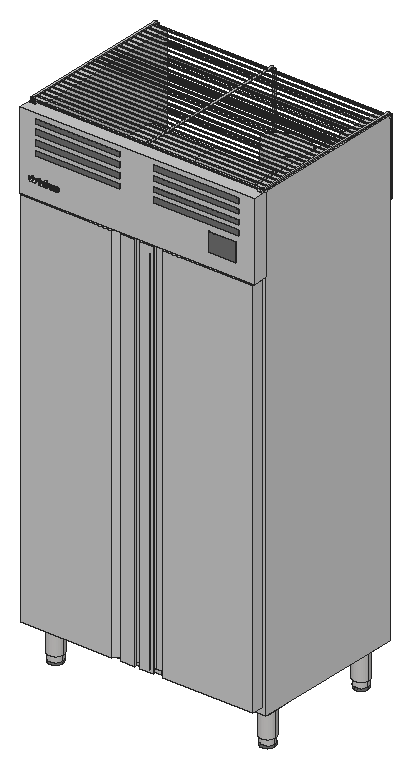
Revit family "QF_INFRICO_AGN602BT_250808082227", category Specialty Equipment, Revit 2021
Family settings
  Round Connector Dimension = Use Diameter
  Part Type = Normal
  OmniClass Number = 23.40.40.14
  OmniClass Title = Food Service Equipment
  Work Plane-Based = No
  Always vertical = Yes
  Cut with Voids When Loaded = No
  Shared = No
  Room Calculation Point = No
Parameters (values of type "AGN602BT")
  Weight [instance] = 0.00 kg
  Waste Water Discharge Temperature [instance] = 0 °C
  Waste Remarks [instance] = ""
  Warranty Start Date [instance] = ""
  Warranty Duration [instance] = ""
  Volts [instance] = 230 V
  Volt Free Conn [instance] = no
  URL Recommended Spares List [instance] = ""
  URL Manufacturer [instance] = ""
  URL Cutsheet [instance] = ""
  URL Critical Spares List [instance] = ""
  URL = "www.infrico.com"
  Technical Documentation [instance] = ""
  Tag Number [instance] = ""
  Status [instance] = ""
  Start Up Current [instance] = 0 A
  Specification by User [instance] = ""
  Specification by Manufacturer [instance] = ""
  Sound Level [instance] = ""
  Show Logo [instance] = yes
  Show Clearances [instance] = yes
  Service Life Duration [instance] = ""
  Serial Number [instance] = ""
  Seismic Rating [instance] = ""
  SMACNA No [instance] = ""
  Revision Code [instance] = ""
  Revision [instance] = ""
  Production Year [instance] = ""
  Potential Equalisation [instance] = no
  Point Load [instance] = 0
  Plumbing Connection Type [instance] = ""
  Phase [instance] = 1
  Other Equipment Approvals [instance] = ""
  Operational Current [instance] = 0 A
  Number of Poles [instance] = 2
  No Load Power Draw [instance] = no
  NAFEM Spec ID Number [instance] = ""
  Model Warning [instance] = ""
  Model = "AGN602BT"
  Min Ckt Ampacity [instance] = 0 A
  Max Overcurrent Protection [instance] = 0 A
  Masterspec [instance] = ""
  Manufacturer = "INFRICO"
  Main switch integrated [instance] = no
  Length Actual [instance] = 974.09 mm
  Item Number [instance] = ""
  Installed By [instance] = ""
  Installation Date [instance] = ""
  Indirect Waste Size [instance] = 19.05 mm
  Indirect Waste Remarks [instance] = ""
  Indirect Waste Flow [instance] = 0.0 L/s
  Indirect Waste Connection Type [instance] = ""
  Indirect Waste Connection Height [instance] = 0 mm
  Identify Quantity as Lot [instance] = no
  ID [instance] = ""
  Hygiene Approval [instance] = ""
  Height Actual [instance] = 2100.072 mm
  HP power [instance] = ""
  Furnished By [instance] = ""
  Foodservice Equipment Identifier [instance] = no
  FL Amps [instance] = 0 A
  Electrical Remarks [instance] = ""
  Electric power [instance] = 650 W
  Electric Connection Type [instance] = ""
  Elec Conn RI Height [instance] = 0 mm
  Elec Conn Connection Height [instance] = 0 mm
  ETL Approved [instance] = no
  Direct Waste Water Discharge Temperature [instance] = -273.15 °C
  Direct Waste Size [instance] = 19.05 mm
  Direct Waste RI Height [instance] = 0 mm
  Direct Waste Flow [instance] = 0.0 L/s
  Direct Waste Connection Height [instance] = 0 mm
  Description = "GN 1/1 REFRIGERATOR AND FREEZER REACH IN 300/600 - TWO DOORS - R290"
  Depth Actual [instance] = 694.944 mm
  Default Elevation = 0 mm
  Cycle [instance] = 50 Hz
  Cost = 0
  Connection to energy optimisation system [instance] = yes
  Conn Plug [instance] = ""
  Conn Conduit [instance] = no
  Centralized building control system with digital interface [instance] = ""
  CSI MasterFormat [instance] = ""
  CE Approved [instance] = no
  Barcode [instance] = 0
  Author [instance] = ""
  Asset Identifier [instance] = ""
  Apparent Power [instance] = 650 VA
  Accessory [instance] = no
Reference planes
  plane 1 "Center (Front/Back)": y = 0
  plane 2: z = 0
  plane 3 "Center (Left/Right)": x = 0
Forms (mm)
  Extrusion 1, solid, not visible
    sketch origin (487.024, -93.905, 152.007) x (1, 0, 0) y (0, 1, 0)
      loop
        line (-2, 2) -> (-2, -2) -> (2, -2) -> (2, 2) -> (-2, 2)
    from -2 to 2
  Extrusion 2, solid, not visible
    sketch origin (100.005, -89.004, 1770.086) x (1, 0, 0) y (0, 1, 0)
      loop
        line (-2, 2) -> (-2, -2) -> (2, -2) -> (2, 2) -> (-2, 2)
    from -2 to 2
Dimensions and locks
  locked: nested 2 to Extrusion 1 at 2  (x2)
  locked: Extrusion 2 to nested 3
  locked: nested 3 to Extrusion 2 at 2
  aligned and locked: level to plane 2
Nested families
  nested 1: "QF_INFRICO_AGN602_2920" at (0, 0, 150), type "AGN602BT"
    with Weight 0.00 kg, Warranty Start Date "", Warranty Duration "", URL Cutsheet "", Technical Documentation "", Tag Number "", Status "", Specification by User "", Specification by Manufacturer "", Sound Level "", Solid Fuel Type "", Show Logo yes, Show Clearances yes, Show Clearance yes, Service Life Duration "", Serial Number "", Seismic Rating "", SMACNA No "", Revision Code "", Revision "", Production Year "", Point Load 0, Other Equipment Approvals "", NAFEM Spec ID Number "", Model Warning "", Masterspec "", Length Actual 974.09 mm, Item Number "", Installed By "", Installation Date "", Identify Quantity as Lot yes, ID "", Hygiene Approval "", Height Actual 2100.072 mm, Furnished By "", Foodservice Equipment Identifier yes, ETL Approved yes, Depth Actual 694.944 mm, CSI MasterFormat "", CE Approved no, Barcode "", Author "", Asset Identifier "", Accessory no
  nested 2: "CONN_POINT_DRAIN_2D___Generic_Annotation" at (487.024, -93.905, 150.007), type "CONN_POINT_DRAIN_2D___Generic_Annotation"
    with Onboard connection annotation symbol visibility yes
  nested 3: "CONN_POINT_ELE_2D___Generic_Annotation" at (100.005, -87.004, 1770.086), type "CONN_POINT_ELE_2D___Generic_Annotation"
    with Onboard connection annotation symbol visibility yes
  nested 4: "QF_INFRICO_LEGS_REACH_INS_4654" at (0, 0, 0), type "LEGS_974_640"
    with Weight 0.00 kg, Warranty Start Date "", Warranty Duration "", URL Cutsheet "", Technical Documentation "", Tag Number "", Status "", Specification by User "", Specification by Manufacturer "", Sound Level "", Solid Fuel Type "", Show Logo yes, Show Clearances yes, Service Life Duration "", Serial Number "", Seismic Rating "", SMACNA No "", Revision Code "", Revision "", Production Year "", Point Load 0, Other Equipment Approvals "", NAFEM Spec ID Number "", Model Warning "", Masterspec "", Length Actual 974.09 mm, Item Number "", Installed By "", Installation Date "", Identify Quantity as Lot yes, ID "", Hygiene Approval "", Height Actual 150.114 mm, Furnished By "", Foodservice Equipment Identifier yes, ETL Approved yes, Depth Actual 640.08 mm, CSI MasterFormat "", CE Approved no, Barcode "", Author "", Asset Identifier "", Accessory yes
Connectors
  piping at (487.024, -93.905, 150.007), diameter 19.05, driven by "Indirect Waste Size", driven by "Direct Waste Flow"
    settings: on Extrusion 1, index 1, connector inside diameter 609.6 mm, connector length 0 mm, flow factor 0, pipe flow 0.0 L/s, pressure drop 0.0 Pa, fitting loss kfactor 0, connector angle 0.00°, fixture units 0, engagement length 0 mm, angle of deflection 0.00°, flow configuration 1, flow direction 2, fitting loss method 0, system type 16, joint type 0, gender type 0, connector reference index -1, connector utility 0, adjustable connector no, is connector primary yes, connector description "Waste connection for AGN602BT"
  electrical at (100.005, -87.004, 1770.086), driven by "Apparent Power", driven by "Number of Poles", driven by "Volts"
    settings: on Extrusion 2, index 2, voltage 230 V, apparent load 0 VA, apparent load phase1 650 VA, apparent load phase2 0 VA, apparent load phase3 0 VA, power factor 1, load classification "Other", number of poles 2, system type 31, power factor state 1, is connector primary yes, connector utility no, sub classification motor no, connector description "Electrical connection for AGN602BT"
Definition of nested family "QF_INFRICO_AGN602_2920"
  Parameters (values of type "AGN602")
    Weight [instance] = 0.00 kg
    Warranty Start Date [instance] = ""
    Warranty Duration [instance] = ""
    URL Cutsheet [instance] = ""
    URL = "www.infrico.com"
    Technical Documentation [instance] = ""
    Tag Number [instance] = ""
    Status [instance] = ""
    Specification by User [instance] = ""
    Specification by Manufacturer [instance] = ""
    Sound Level [instance] = ""
    Solid Fuel Type [instance] = ""
    Show Logo [instance] = yes
    Show Clearances [instance] = yes
    Show Clearance [instance] = yes
    Service Life Duration [instance] = ""
    Serial Number [instance] = ""
    Seismic Rating [instance] = ""
    SMACNA No [instance] = ""
    Revision Code [instance] = ""
    Revision [instance] = ""
    Production Year [instance] = ""
    Point Load [instance] = 0
    Other Equipment Approvals [instance] = ""
    NAFEM Spec ID Number [instance] = ""
    Model Warning [instance] = ""
    Model = "AGN602"
    Masterspec [instance] = ""
    Manufacturer = "INFRICO"
    Length Actual [instance] = 0 mm
    Item Number [instance] = ""
    Installed By [instance] = ""
    Installation Date [instance] = ""
    Identify Quantity as Lot [instance] = yes
    ID [instance] = ""
    Hygiene Approval [instance] = ""
    Height Actual [instance] = 0 mm
    Furnished By [instance] = ""
    Foodservice Equipment Identifier [instance] = yes
    ETL Approved [instance] = yes
    Description = "GN 1/1 REFRIGERATOR AND FREEZER REACH IN 300/600 - TWO DOORS - R134A REFRIGERANT"
    Depth Actual [instance] = 0 mm
    Default Elevation = 0 mm
    CSI MasterFormat [instance] = ""
    CE Approved [instance] = yes
    Barcode [instance] = ""
    Author [instance] = ""
    Asset Identifier [instance] = ""
    Assembly Code = "E1090320"
    Accessory [instance] = yes
  Types (3, lengths in mm): name | Model | Description
    AGN602-R290 | "AGN602" | "GN 1/1 REFRIGERATOR AND FREEZER REACH IN 300/600 - TWO DOORS - R290 REFRIGERANT"
    AGN602BT | "AGN602BT" | "GN 1/1 REFRIGERATOR AND FREEZER REACH IN 300/600 - TWO DOORS - R290 REFRIGERANT"
    AGN602 | "AGN602" | "GN 1/1 REFRIGERATOR AND FREEZER REACH IN 300/600 - TWO DOORS - R134A REFRIGERANT"
  Reference planes
    plane 1 "Back": y = 0
    plane 2: z = 0
    plane 3 "Left": x = 0
    plane 4 "Right": x = 974
    plane 5 "Front": y = -700
    plane 6 "Top": z = 1950
  Forms (mm)
    Extrusion 1, solid
      sketch origin (0, 16, -334) x (0, 1, 0) y (0, 0, 1)
        loop
          line (-16, 334) -> (-16, 1597) -> (-656, 1597) -> (-656, 334) -> (-16, 334)
      from 50 to 924
    Extrusion 2, solid
      sketch origin (0, -95, 1700) x (1, 0, 0) y (0, 1, 0)
        loop
          line (0, -545) -> (0, -605) -> (974, -605) -> (974, -545) -> (971.5, -545) -> (971.5, -558) -> (949, -558) -> (949, -545) -> (25, -545) -> (25, -558) -> (2.5, -558) -> (2.5, -545) -> (0, -545)
      from -68 to 250
    Extrusion 3, solid, visible <- "Show Logo"
      sketch origin (-1126.614, -699, 992.462) x (1, 0, 0) y (0, 0, 1)
        loop
          line (1208.799, 696.53) -> (1208.799, 719.204) -> (1204.173, 719.204) -> (1204.173, 696.53) -> (1208.799, 696.53)
        loop
          line (1214.779, 713.006) -> (1211.283, 713.006) -> (1211.283, 696.53) -> (1215.772, 696.53) -> (1215.772, 707.832)
          arc (1215.772, 707.832) -> (1217.528, 708.741) -> (1219.417, 709.324) r 11.052
          arc (1219.417, 709.324) -> (1220.929, 708.961) -> (1221.598, 707.557) r 1.806
          line (1221.598, 707.557) -> (1221.598, 696.53) -> (1226.121, 696.53) -> (1226.121, 708.689)
          arc (1226.121, 708.689) -> (1224.637, 712.075) -> (1221.141, 713.281) r 4.607
          arc (1221.141, 713.281) -> (1218.282, 712.674) -> (1215.669, 711.361) r 11.435
          line (1215.669, 711.361) -> (1215.601, 712.184)
          arc (1215.601, 712.184) -> (1215.36, 712.765) -> (1214.779, 713.006) r 0.822
        loop
          line (1238.557, 720.102) -> (1237.306, 720.102)
          arc (1237.306, 720.102) -> (1235.052, 719.926) -> (1232.881, 719.297) r 11.103
          arc (1232.881, 719.297) -> (1230.805, 717.616) -> (1230.024, 715.062) r 4.567
          line (1230.024, 715.062) -> (1230.024, 712.909) -> (1227.351, 712.703) -> (1227.351, 709.374) -> (1230.024, 709.374) -> (1230.024, 696.53) -> (1234.547, 696.53) -> (1234.547, 709.374) -> (1238.249, 709.374) -> (1238.249, 712.938) -> (1234.547, 712.938) -> (1234.547, 714.548)
          arc (1234.547, 714.548) -> (1234.956, 715.705) -> (1236.045, 716.271) r 1.67
          line (1236.045, 716.271) -> (1237.7, 716.399)
          arc (1237.7, 716.399) -> (1238.306, 716.65) -> (1238.557, 717.255) r 0.857
          line (1238.557, 717.255) -> (1238.557, 720.102)
        loop
          line (1239.479, 713.006) -> (1239.479, 696.53) -> (1243.968, 696.53) -> (1243.968, 707.352)
          arc (1243.968, 707.352) -> (1245.873, 708.631) -> (1248.077, 709.268) r 7.435
          line (1248.077, 709.268) -> (1249.241, 709.416)
          arc (1249.241, 709.416) -> (1249.643, 709.758) -> (1249.793, 710.265) r 0.928
          line (1249.793, 710.265) -> (1249.793, 712.458)
          arc (1249.793, 712.458) -> (1249.531, 713.061) -> (1248.912, 713.28) r 0.824
          arc (1248.912, 713.28) -> (1246.197, 712.588) -> (1243.899, 710.984) r 7.833
          line (1243.899, 710.984) -> (1243.726, 713.006) -> (1239.479, 713.006)
        loop
          line (1255.495, 696.53) -> (1255.495, 713.006) -> (1251.006, 713.006) -> (1251.006, 696.53) -> (1255.495, 696.53)
        loop
          arc (1257.421, 701.327) -> (1258.567, 698.188) -> (1261.466, 696.525) r 4.873
          arc (1261.466, 696.525) -> (1264.493, 696.266) -> (1267.521, 696.525) r 17.816
          arc (1267.521, 696.525) -> (1270.575, 699.134) -> (1271.505, 703.041) r 6.481
          line (1271.505, 703.041) -> (1267.187, 703.041) -> (1267.187, 701.67)
          arc (1267.187, 701.67) -> (1266.64, 700.452) -> (1265.442, 699.865) r 1.965
          arc (1265.442, 699.865) -> (1264.547, 699.816) -> (1263.653, 699.865) r 8.196
          arc (1263.653, 699.865) -> (1262.417, 700.415) -> (1261.91, 701.67) r 1.806
          line (1261.91, 701.67) -> (1261.91, 707.9)
          arc (1261.91, 707.9) -> (1262.417, 709.155) -> (1263.653, 709.705) r 1.806
          arc (1263.653, 709.705) -> (1264.547, 709.754) -> (1265.442, 709.705) r 8.196
          arc (1265.442, 709.705) -> (1266.64, 709.118) -> (1267.187, 707.9) r 1.965
          line (1267.187, 707.9) -> (1267.187, 706.838) -> (1271.505, 706.838)
          arc (1271.505, 706.838) -> (1270.524, 710.556) -> (1267.521, 712.959) r 6.132
          arc (1267.521, 712.959) -> (1264.493, 713.294) -> (1261.466, 712.959) r 13.851
          arc (1261.466, 712.959) -> (1258.571, 711.349) -> (1257.421, 708.243) r 4.772
          line (1257.421, 708.243) -> (1257.421, 701.327)
        loop
          arc (1272.916, 701.329) -> (1273.993, 698.345) -> (1276.726, 696.734) r 4.676
          arc (1276.726, 696.734) -> (1278.515, 696.455) -> (1280.318, 696.291) r 28.371
          arc (1280.318, 696.291) -> (1282.122, 696.455) -> (1283.911, 696.734) r 28.371
          arc (1283.911, 696.734) -> (1286.644, 698.345) -> (1287.72, 701.329) r 4.676
          line (1287.72, 701.329) -> (1287.72, 708.242)
          arc (1287.72, 708.242) -> (1286.644, 711.226) -> (1283.911, 712.837) r 4.676
          arc (1283.911, 712.837) -> (1282.122, 713.116) -> (1280.318, 713.28) r 28.371
          arc (1280.318, 713.28) -> (1278.515, 713.116) -> (1276.726, 712.837) r 28.371
          arc (1276.726, 712.837) -> (1273.993, 711.226) -> (1272.916, 708.242) r 4.676
          line (1272.916, 708.242) -> (1272.916, 701.329)
        loop
          line (1277.405, 707.866) -> (1277.405, 701.705)
          arc (1277.405, 701.705) -> (1277.844, 700.556) -> (1278.936, 699.991) r 1.725
          arc (1278.936, 699.991) -> (1279.627, 699.918) -> (1280.318, 699.856) r 46.133
          arc (1280.318, 699.856) -> (1281.01, 699.918) -> (1281.701, 699.991) r 46.133
          arc (1281.701, 699.991) -> (1282.793, 700.556) -> (1283.231, 701.705) r 1.725
          line (1283.231, 701.705) -> (1283.231, 707.866)
          arc (1283.231, 707.866) -> (1282.793, 709.015) -> (1281.701, 709.58) r 1.725
          arc (1281.701, 709.58) -> (1281.01, 709.653) -> (1280.318, 709.716) r 46.133
          arc (1280.318, 709.716) -> (1279.627, 709.653) -> (1278.936, 709.58) r 46.133
          arc (1278.936, 709.58) -> (1277.844, 709.015) -> (1277.405, 707.866) r 1.725
        loop
          arc (1190.339, 696.543) -> (1191.411, 696.987) -> (1191.856, 698.059) r 1.516
          line (1191.856, 698.059) -> (1191.856, 703.891) -> (1196.035, 703.891)
          arc (1196.035, 703.891) -> (1196.79, 704.121) -> (1197.218, 704.782) r 1.147
          line (1197.218, 704.782) -> (1197.218, 706.211)
          arc (1197.218, 706.211) -> (1196.787, 707.258) -> (1195.719, 707.634) r 1.385
          line (1195.719, 707.634) -> (1194.52, 707.634) -> (1197.218, 710.332)
          arc (1197.218, 710.332) -> (1197.605, 711.266) -> (1197.218, 712.2) r 1.321
          line (1197.218, 712.2) -> (1196.495, 712.923)
          arc (1196.495, 712.923) -> (1195.54, 713.338) -> (1194.558, 712.991) r 1.422
          line (1194.558, 712.991) -> (1191.853, 710.286) -> (1191.853, 711.479)
          arc (1191.853, 711.479) -> (1191.443, 712.516) -> (1190.435, 712.992) r 1.516
          line (1190.435, 712.992) -> (1189.514, 712.992)
          arc (1189.514, 712.992) -> (1188.511, 712.514) -> (1188.103, 711.479) r 1.516
          line (1188.103, 711.479) -> (1188.103, 706.83) -> (1182.073, 701.336) -> (1182.073, 707.509) -> (1185.639, 711.075)
          arc (1185.639, 711.075) -> (1186.053, 712.073) -> (1185.639, 713.071) r 1.412
          line (1185.639, 713.071) -> (1184.987, 713.723)
          arc (1184.987, 713.723) -> (1183.939, 714.141) -> (1182.915, 713.667) r 1.428
          line (1182.915, 713.667) -> (1182.073, 712.825) -> (1182.073, 717.784)
          arc (1182.073, 717.784) -> (1181.658, 718.787) -> (1180.655, 719.203) r 1.418
          line (1180.655, 719.203) -> (1179.726, 719.203)
          arc (1179.726, 719.203) -> (1178.723, 718.787) -> (1178.308, 717.784) r 1.418
          line (1178.308, 717.784) -> (1178.308, 712.825) -> (1177.466, 713.667)
          arc (1177.466, 713.667) -> (1176.442, 714.141) -> (1175.394, 713.723) r 1.428
          line (1175.394, 713.723) -> (1174.742, 713.071)
          arc (1174.742, 713.071) -> (1174.328, 712.073) -> (1174.742, 711.075) r 1.412
          line (1174.742, 711.075) -> (1178.308, 707.509) -> (1178.308, 701.336) -> (1172.278, 706.83) -> (1172.278, 711.479)
          arc (1172.278, 711.479) -> (1171.87, 712.514) -> (1170.867, 712.992) r 1.516
          line (1170.867, 712.992) -> (1169.946, 712.992)
          arc (1169.946, 712.992) -> (1168.938, 712.516) -> (1168.528, 711.479) r 1.516
          line (1168.528, 711.479) -> (1168.528, 710.286) -> (1165.823, 712.991)
          arc (1165.823, 712.991) -> (1164.841, 713.338) -> (1163.886, 712.923) r 1.422
          line (1163.886, 712.923) -> (1163.163, 712.2)
          arc (1163.163, 712.2) -> (1162.776, 711.266) -> (1163.163, 710.332) r 1.321
          line (1163.163, 710.332) -> (1165.861, 707.634) -> (1164.662, 707.634)
          arc (1164.662, 707.634) -> (1163.594, 707.258) -> (1163.163, 706.211) r 1.385
          line (1163.163, 706.211) -> (1163.163, 704.782)
          arc (1163.163, 704.782) -> (1163.591, 704.121) -> (1164.346, 703.891) r 1.147
          line (1164.346, 703.891) -> (1168.525, 703.891) -> (1168.525, 698.059)
          arc (1168.525, 698.059) -> (1168.969, 696.987) -> (1170.042, 696.543) r 1.516
          line (1170.042, 696.543) -> (1190.339, 696.543)
      from 0 to 2
    Extrusion 4, solid
      sketch origin (-383.87, -3.77, 1109.561) x (1, 0, 0) y (0, 0, 1)
        loop
          line (1169.616, 654.3) -> (1169.616, 577.9) -> (1281.216, 577.9) -> (1281.216, 654.3) -> (1169.616, 654.3)
      from 696.23 to 698.23
    Extrusion 5, solid
      sketch origin (0, 16, -10) x (1, 0, 0) y (0, 1, 0)
        loop
          line (0, -656) -> (50, -656) -> (50, -16) -> (0, -16) -> (0, -656)
        loop
          line (924, -16) -> (924, -656) -> (974, -656) -> (974, -16) -> (924, -16)
      from 10 to 1960
    Extrusion 6, solid
      sketch origin (0, 16, 38) x (0, 1, 0) y (0, 0, 1)
        loop
          line (-656, 1225) -> (-50, 1225) -> (-103.033, 1278.033) -> (-103.033, 1600) -> (-603, 1600) -> (-656, 1653) -> (-656, 1225)
      from 50 to 924
    Extrusion 7, solid
      sketch origin (638.982, 229.891, 1638) x (0.866025, -0.5, 0) y (0.5, 0.866025, 0)
        loop
          line (358.028, -621.086) -> (408.028, -707.689) -> (624.534, -582.689) -> (574.534, -496.086) -> (358.028, -621.086)
      from 0 to 292
    Extrusion 8, solid
      sketch origin (633.982, 221.23, 1659) x (0.866025, -0.5, 0) y (0.5, 0.866025, 0)
        loop
          line (407.8, -507.295) -> (427.8, -541.936) -> (479.762, -511.936) -> (459.762, -477.295) -> (407.8, -507.295)
      from 103.4 to 153.4
    Extrusion 9, solid
      sketch origin (1349.586, -118.671, 1638) x (0, -1, 0) y (1, 0, 0)
        loop
          arc (131.329, -491.086) -> (74.329, -586.086) -> (131.329, -681.086) r 107.667
          arc (131.329, -681.086) -> (151.329, -686.086) -> (171.329, -681.086) r 42.5
          arc (171.329, -681.086) -> (228.329, -586.086) -> (171.329, -491.086) r 107.667
          arc (171.329, -491.086) -> (151.329, -486.086) -> (131.329, -491.086) r 42.5
      from 0 to 250
    Extrusion 10, solid
      sketch origin (0, 16, 33) x (0, 1, 0) y (0, 0, 1)
        loop
          circle (-656, 1921) r 4
        loop
          circle (-630, 1923) r 2
        loop
          circle (-605, 1923) r 2
        loop
          circle (-580, 1923) r 2
        loop
          circle (-555, 1923) r 2
        loop
          circle (-530, 1923) r 2
        loop
          circle (-505, 1923) r 2
        loop
          circle (-480, 1923) r 2
        loop
          circle (-455, 1923) r 2
        loop
          circle (-430, 1923) r 2
        loop
          circle (-405, 1923) r 2
        loop
          circle (-380, 1923) r 2
        loop
          circle (-355, 1923) r 2
        loop
          circle (-330, 1923) r 2
        loop
          circle (-305, 1923) r 2
        loop
          circle (-280, 1923) r 2
        loop
          circle (-255, 1923) r 2
        loop
          circle (-230, 1923) r 2
        loop
          circle (-205, 1923) r 2
        loop
          circle (-155, 1923) r 2
        loop
          circle (-130, 1923) r 2
        loop
          circle (-105, 1923) r 2
        loop
          circle (-80, 1923) r 2
        loop
          circle (-55, 1923) r 2
        loop
          circle (-180, 1923) r 2
        loop
          circle (-30, 1923) r 2
      from 0 to 974
    Extrusion 11, solid
      sketch origin (0, 16, 33) x (1, 0, 0) y (0, 0, 1)
        loop
          circle (4, 1929) r 4
        loop
          circle (970, 1929) r 4
        loop
          circle (487, 1929) r 4
      from 16 to 660
    Extrusion 12, solid
      sketch origin (0, -1917, 1290) x (0, 0, -1) y (0, 1, 0)
        loop
          circle (-656, 1921) r 4
        loop
          circle (-630, 1923) r 2
        loop
          circle (-605, 1923) r 2
        loop
          circle (-580, 1923) r 2
        loop
          circle (-555, 1923) r 2
        loop
          circle (-530, 1923) r 2
        loop
          circle (-505, 1923) r 2
        loop
          circle (-480, 1923) r 2
        loop
          circle (-455, 1923) r 2
        loop
          circle (-430, 1923) r 2
        loop
          circle (-405, 1923) r 2
        loop
          circle (-380, 1923) r 2
        loop
          circle (-355, 1923) r 2
      from 0 to 974
    Extrusion 13, solid
      sketch origin (0, -1917, 1290) x (1, 0, 0) y (0, 1, 0)
        loop
          circle (4, 1929) r 4
        loop
          circle (969, 1929) r 4
        loop
          circle (486.5, 1929) r 4
      from 348 to 660
    Extrusion 14, solid
      sketch origin (500, -698.1, -10) x (1, 0, 0) y (0, 0, 1)
        loop
          line (-434.5, 1940) -> (-434.5, 1920) -> (-84.5, 1920) -> (-84.5, 1940) -> (-434.5, 1940)
        loop
          line (-434.5, 1900) -> (-434.5, 1880) -> (-84.5, 1880) -> (-84.5, 1900) -> (-434.5, 1900)
        loop
          line (-434.5, 1860) -> (-434.5, 1840) -> (-84.5, 1840) -> (-84.5, 1860) -> (-434.5, 1860)
        loop
          line (-434.5, 1820) -> (-434.5, 1800) -> (-84.5, 1800) -> (-84.5, 1820) -> (-434.5, 1820)
      from 0 to 2
    Extrusion 15, solid
      sketch origin (950.5, -77, 38) x (0, 1, 0) y (0, 0, 1)
        loop
          line (-567, 1911) -> (-563, 1911) -> (-563, 1914.5)
          arc (-563, 1914.5) -> (-564.062, 1917.463) -> (-565.924, 1920) r 10.917
          line (-565.924, 1920) -> (-573.076, 1920)
          arc (-573.076, 1920) -> (-574.938, 1917.463) -> (-576, 1914.5) r 10.917
          line (-576, 1914.5) -> (-576, 1911) -> (-572, 1911) -> (-572, 1914.5)
          arc (-572, 1914.5) -> (-569.5, 1917) -> (-567, 1914.5) r 2.5
          line (-567, 1914.5) -> (-567, 1911)
      from 0 to 17.5
    Extrusion 16, solid
      sketch origin (947.5, -77, 38) x (0, 1, 0) y (0, 0, 1)
        loop
          arc (-567.161, 1915.382) -> (-569.948, 1916.96) -> (-572, 1914.5) r 2.5
          line (-572, 1914.5) -> (-571.49, 1908.671) -> (-564.851, 1909.252) -> (-567.161, 1915.382)
      from 0.5 to 3
    Extrusion 17, solid
      sketch origin (967.5, -77, 38) x (0, 1, 0) y (0, 0, 1)
        loop
          arc (-567.161, 1915.382) -> (-569.948, 1916.96) -> (-572, 1914.5) r 2.5
          line (-572, 1914.5) -> (-571.49, 1908.671) -> (-564.851, 1909.252) -> (-567.161, 1915.382)
      from 0.5 to 3
    Extrusion 18, solid
      sketch origin (5, -77, 38) x (0, 1, 0) y (0, 0, 1)
        loop
          line (-567, 1911) -> (-563, 1911) -> (-563, 1914.5)
          arc (-563, 1914.5) -> (-564.062, 1917.463) -> (-565.924, 1920) r 10.917
          line (-565.924, 1920) -> (-573.076, 1920)
          arc (-573.076, 1920) -> (-574.938, 1917.463) -> (-576, 1914.5) r 10.917
          line (-576, 1914.5) -> (-576, 1911) -> (-572, 1911) -> (-572, 1914.5)
          arc (-572, 1914.5) -> (-569.5, 1917) -> (-567, 1914.5) r 2.5
          line (-567, 1914.5) -> (-567, 1911)
      from 0 to 17.5
    Extrusion 19, solid
      sketch origin (2, -77, 38) x (0, 1, 0) y (0, 0, 1)
        loop
          arc (-567.161, 1915.382) -> (-569.948, 1916.96) -> (-572, 1914.5) r 2.5
          line (-572, 1914.5) -> (-571.49, 1908.671) -> (-564.851, 1909.252) -> (-567.161, 1915.382)
      from 0.5 to 3
    Extrusion 20, solid
      sketch origin (22, -77, 38) x (0, 1, 0) y (0, 0, 1)
        loop
          arc (-567.161, 1915.382) -> (-569.948, 1916.96) -> (-572, 1914.5) r 2.5
          line (-572, 1914.5) -> (-571.49, 1908.671) -> (-564.851, 1909.252) -> (-567.161, 1915.382)
      from 0.5 to 3
    Extrusion 21, solid
      sketch origin (492, 0, 0) x (1, 0, 0) y (0, 0, 1)
        loop
          circle (271.5, 1787) r 90
      from 462 to 487
    Extrusion 22, solid
      sketch origin (246.5, 0, 0) x (1, 0, 0) y (0, 1, 0)
        loop
          circle (240.5, -93.4) r 9.525
      from -10 to 0
    Extrusion 23, solid
      sketch origin (100, -87.033, 1620) x (1, 0, 0) y (0, 0, -1)
        loop
          circle (0, 0) r 5
      from 0 to 10
    Extrusion 24, solid
      sketch origin (992, -698.1, -10) x (1, 0, 0) y (0, 0, 1)
        loop
          line (-434.5, 1940) -> (-434.5, 1920) -> (-84.5, 1920) -> (-84.5, 1940) -> (-434.5, 1940)
        loop
          line (-434.5, 1900) -> (-434.5, 1880) -> (-84.5, 1880) -> (-84.5, 1900) -> (-434.5, 1900)
        loop
          line (-434.5, 1860) -> (-434.5, 1840) -> (-84.5, 1840) -> (-84.5, 1860) -> (-434.5, 1860)
        loop
          line (-434.5, 1820) -> (-434.5, 1800) -> (-84.5, 1800) -> (-84.5, 1820) -> (-434.5, 1820)
      from 0 to 2
    Extrusion 25, solid
      sketch origin (2991.326, -1.98, 708.39) x (-1, 0, 0) y (0, -1, 0)
        loop
          line (2610.426, 698.02) -> (2580.356, 667.95) -> (2557.604, 667.95) -> (2546.663, 670.881)
          arc (2546.663, 670.881) -> (2545.582, 671.631) -> (2545.222, 672.896) r 1.95
          line (2545.222, 672.896) -> (2545.566, 682.741)
          arc (2545.566, 682.741) -> (2545.774, 683.563) -> (2546.304, 684.224) r 2.001
          line (2546.304, 684.224) -> (2571.566, 694.947) -> (2571.566, 698.02) -> (2514.326, 698.02) -> (2514.326, 690.261) -> (2526.525, 683.218) -> (2521.592, 664.81) -> (2514.326, 664.81) -> (2514.326, 654.02) -> (2986.326, 654.02) -> (2986.326, 698.02) -> (2610.426, 698.02)
      from -672.39 to 915.61
    Extrusion 26, solid, detail levels coarse
      sketch origin (477, -656, 36) x (-1, 0, 0) y (0, -1, 0)
        loop
          line (472, 44) -> (472, 472) -> (428, 472)
          arc (428, 472) -> (125.358, 346.642) -> (0, 44) r 428
          line (0, 44) -> (472, 44)
      from 0 to 1588
    Extrusion 27, solid
      sketch origin (477, -409, 36) x (-1, 0, 0) y (0, 0, -1)
        loop
          line (457, -1573) -> (457, -15) -> (15, -15) -> (15, -1573) -> (457, -1573)
        loop
          line (427, -1543) -> (427, -45) -> (45, -45) -> (45, -1543) -> (427, -1543)
      from 231 to 247
    Extrusion 28, solid
      sketch origin (-2017.326, -1.98, 708.39) x (1, 0, 0) y (0, 1, 0)
        loop
          line (2610.426, -698.02) -> (2986.326, -698.02) -> (2986.326, -654.02) -> (2514.326, -654.02) -> (2514.326, -664.81) -> (2521.592, -664.81) -> (2526.525, -683.218) -> (2514.326, -690.261) -> (2514.326, -698.02) -> (2571.566, -698.02) -> (2571.566, -694.947) -> (2546.304, -684.224)
          arc (2546.304, -684.224) -> (2545.774, -683.563) -> (2545.566, -682.741) r 2.001
          line (2545.566, -682.741) -> (2545.222, -672.896)
          arc (2545.222, -672.896) -> (2545.582, -671.631) -> (2546.663, -670.881) r 1.95
          line (2546.663, -670.881) -> (2557.604, -667.95) -> (2580.356, -667.95) -> (2610.426, -698.02)
      from -672.39 to 915.61
    Extrusion 29, solid, detail levels coarse
      sketch origin (497, -656, 36) x (1, 0, 0) y (0, 1, 0)
        loop
          line (472, -44) -> (0, -44)
          arc (0, -44) -> (125.358, -346.642) -> (428, -472) r 428
          line (428, -472) -> (472, -472) -> (472, -44)
      from 0 to 1588
    Extrusion 30, solid
      sketch origin (497, -409, 36) x (1, 0, 0) y (0, 0, 1)
        loop
          line (457, 1573) -> (15, 1573) -> (15, 15) -> (457, 15) -> (457, 1573)
        loop
          line (427, 1543) -> (45, 1543) -> (45, 45) -> (427, 45) -> (427, 1543)
      from 231 to 247
  Cuts and joins
    joined: Extrusion 1, Extrusion 5, Extrusion 6
  Lines and regions (mm)
    symbolic lines
      curve 1: line (0, 0, 0) -> (974, 0, 0)
      curve 2: line (974, 0, 0) -> (974, -700, 0)
      curve 3: line (974, -700, 0) -> (0, -700, 0)
      curve 4: line (0, -700, 0) -> (0, 0, 0)
      curve 5: line (974, -644, 0) -> (0, -644, 0)
    symbolic lines, visible <- "Show Clearance"
      curve 6: line (5, -700, 0) -> (5, -1128, 0)
      curve 7: line (5, -1128, 0) -> (49, -1128, 0)
      curve 8: arc (49, -1128, 0) -> (351.642, -1002.642, 0) -> (477, -700, 0) r 428
      curve 9: line (969, -700, 0) -> (969, -1128, 0)
      curve 10: line (969, -1128, 0) -> (925, -1128, 0)
      curve 11: arc (925, -1128, 0) -> (622.358, -1002.642, 0) -> (497, -700, 0) r 428
      curve 12: line (49, -700, 0) -> (49, -1128, 0)
      curve 13: line (925, -700, 0) -> (925, -1128, 0)
  Dimensions and locks
    plane 6 "Top" to level = 1950 mm  (x2)
    plane 4 "Right" to plane 3 "Left" = 974 mm
    plane 1 "Back" to plane 5 "Front" = 700 mm  (x2)
    plane 3 "Left" to plane 4 "Right" = 974 mm
    aligned and locked: level to plane 2
  Connectors
    piping at (487, -93.4, -10), diameter 19.1
      settings: on Extrusion 22, index 1, connector inside diameter 609.6 mm, connector length 0 mm, flow factor 0, pipe flow 0.0 L/s, pressure drop 0.0 Pa, fitting loss kfactor 0, connector angle 0.00°, fixture units 0, engagement length 0 mm, angle of deflection 0.00°, flow configuration 1, flow direction 2, fitting loss method 0, system type 16, joint type 0, gender type 0, connector reference index -1, connector utility 0, adjustable connector no, is connector primary yes, connector description "Drain connection"
    electrical at (100, -77.033, 1620)
      settings: on Extrusion 23, index 2, voltage 0 V, apparent load 0 VA, apparent load phase1 0 VA, apparent load phase2 0 VA, apparent load phase3 0 VA, power factor 1, load classification none, number of poles 1, system type 31, power factor state 1, is connector primary yes, connector utility no, sub classification motor no, connector description "Electrical connection"
Definition of nested family "QF_INFRICO_LEGS_REACH_INS_4654"
  Parameters (values of type "LEGS_930_756")
    Weight [instance] = 0.00 kg
    Warranty Start Date [instance] = ""
    Warranty Duration [instance] = ""
    URL Cutsheet [instance] = ""
    URL = "www.infrico.com"
    Technical Documentation [instance] = ""
    Tag Number [instance] = ""
    Status [instance] = ""
    Specification by User [instance] = ""
    Specification by Manufacturer [instance] = ""
    Sound Level [instance] = ""
    Solid Fuel Type [instance] = ""
    Show Logo [instance] = yes
    Show Clearances [instance] = yes
    Service Life Duration [instance] = ""
    Serial Number [instance] = ""
    Seismic Rating [instance] = ""
    SMACNA No [instance] = ""
    Right offset = 228 mm
    Revision Code [instance] = ""
    Revision [instance] = ""
    Rear offset = 163 mm
    Production Year [instance] = ""
    Point Load [instance] = 0
    Other Equipment Approvals [instance] = ""
    NAFEM Spec ID Number [instance] = ""
    Model Warning [instance] = ""
    Model = "LEGS_930_756"
    Masterspec [instance] = ""
    Manufacturer = "INFRICO"
    Length Actual [instance] = 0 mm
    Length = 930 mm
    Left offset = 136 mm
    Item Number [instance] = ""
    Installed By [instance] = ""
    Installation Date [instance] = ""
    Identify Quantity as Lot [instance] = yes
    ID [instance] = ""
    Hygiene Approval [instance] = ""
    Height Actual [instance] = 0 mm
    Height = 150 mm
    Furnished By [instance] = ""
    Front offset = 60 mm
    Foodservice Equipment Identifier [instance] = yes
    ETL Approved [instance] = yes
    Description = "LEGS"
    Depth Actual [instance] = 0 mm
    Depth = 756 mm
    Default Elevation = 0 mm
    CentralLegs = if(Length > 2000 mm, 2 > 1, 2 < 1)  # no
    CSI MasterFormat [instance] = ""
    CE Approved [instance] = yes
    Barcode [instance] = ""
    Author [instance] = ""
    Asset Identifier [instance] = ""
    Assembly Code = "E1090320"
    Accessory [instance] = yes
  Types (32, lengths in mm): name | Right offset | Rear offset | Model | Length | Left offset | Height | Front offset | Depth | CentralLegs
    LEGS_557_720 | 47 | 88 | "LEGS_557_720" | 557 | 47 | 150 | 67 | 720 | no
    LEGS_1124_720 | 47 | 88 | "LEGS_1124_720" | 1124 | 47 | 150 | 67 | 720 | no
    LEGS_687_640 | 47 | 88 | "LEGS_687_640" | 687 | 47 | 150 | 67 | 640 | no
    LEGS_1385_640 | 47 | 88 | "LEGS_1385_640" | 1385 | 47 | 150 | 67 | 640 | no
    LEGS_2081_640 | 47 | 88 | "LEGS_2081_640" | 2081 | 47 | 150 | 67 | 640 | yes
    LEGS_800_545 | 47 | 88 | "LEGS_800_545" | 800 | 47 | 150 | 67 | 545 | no
    LEGS_482_640 | 47 | 88 | "LEGS_482_640" | 482 | 47 | 150 | 67 | 640 | no
    LEGS_974_640 | 47 | 88 | "LEGS_974_640" | 974 | 47 | 150 | 67 | 640 | no
    LEGS_687_734 | 47 | 88 | "LEGS_687_734" | 687 | 47 | 150 | 67 | 734 | no
    LEGS_1385_734 | 47 | 88 | "LEGS_1385_734" | 1385 | 47 | 150 | 67 | 734 | no
    LEGS_756_900 | 47 | 88 | "LEGS_756_900" | 756 | 47 | 150 | 67 | 900 | no
    LEGS_752_677 | 47 | 88 | "LEGS_752_677" | 752 | 47 | 150 | 67 | 677 | no
    LEGS_2081_736 | 47 | 88 | "LEGS_2081_736" | 2081 | 47 | 150 | 67 | 736 | yes
    LEGS_702_700 | 74 | 110 | "LEGS_702_700" | 702 | 74 | 150 | 63 | 700 | no
    LEGS_1227_700 | 74 | 110 | "LEGS_1227_700" | 1227 | 74 | 150 | 63 | 700 | no
    LEGS_1533_700 | 74 | 110 | "LEGS_1533_700" | 1533 | 74 | 150 | 63 | 700 | no
    LEGS_1844_700 | 74 | 110 | "LEGS_1844_700" | 1844 | 74 | 150 | 63 | 700 | no
    LEGS_1050_768 | 208 | 60 | "LEGS_1050_768" | 1050 | 160 | 150 | 60 | 768 | no
    LEGS_1710_768 | 208 | 60 | "LEGS_1710_768" | 1710 | 160 | 150 | 60 | 768 | no
    LEGS_2370_768 | 208 | 60 | "LEGS_2370_768" | 2370 | 160 | 150 | 60 | 768 | yes
    LEGS_930_756 | 228 | 163 | "LEGS_930_756" | 930 | 136 | 150 | 60 | 756 | no
    LEGS_1235_756 | 228 | 163 | "LEGS_1235_756" | 1235 | 136 | 150 | 60 | 756 | no
    LEGS_1352_756 | 228 | 163 | "LEGS_1352_756" | 1352 | 136 | 150 | 60 | 756 | no
    LEGS_1845_756 | 228 | 163 | "LEGS_1845_756" | 1845 | 136 | 150 | 60 | 756 | no
    LEGS_2464_756 | 228 | 163 | "LEGS_2464_756" | 2464 | 136 | 150 | 60 | 756 | yes
    LEGS_2809_756 | 228 | 163 | "LEGS_2809_756" | 2809 | 136 | 150 | 60 | 756 | yes
    LEGS_1384_736 | 47 | 88 | "LEGS_1384_736" | 1384 | 47 | 150 | 67 | 736 | no
    LEGS_687_740 | 47 | 88 | "LEGS_687_740" | 687 | 47 | 140 | 67 | 740 | no
    LEGS_1385_740 | 47 | 88 | "LEGS_1385_740" | 1385 | 47 | 140 | 67 | 740 | no
    LEGS_1385_740\u001f_H | 47 | 88 | "LEGS_1385_640" | 1385 | 47 | 150 | 67 | 740 | no
    LEGS_687_740_H | 47 | 88 | "LEGS_687_740_H" | 687 | 47 | 150 | 67 | 740 | no
    LEGS_1385_740_H | 47 | 88 | "LEGS_1385_740_H" | 1385 | 47 | 150 | 67 | 740 | no
  Reference planes
    plane 1 "Back": y = 0
    plane 2: z = 0
    plane 3 "Left": x = 0
    plane 4 "Right": x = 930
    plane 5 "Front": y = -756
    plane 6 "Top": z = 150
    plane 7 "Left offset": x = 136
    plane 8 "Right offset": x = 702
    plane 9 "Rear offset": y = -163
    plane 10 "Front offset": y = -696
    plane 11 "Central": x = 465
  Dimensions and locks
    "Length": plane 3 "Left" to plane 4 "Right"
    "Depth": plane 5 "Front" to plane 1 "Back"
    "Left offset": plane 3 "Left" to plane 7 "Left offset"
    "Right offset": plane 8 "Right offset" to plane 4 "Right"
    "Rear offset": plane 9 "Rear offset" to plane 1 "Back"
    "Front offset": plane 10 "Front offset" to plane 5 "Front"
    "Height": plane 6 "Top" to plane 2
    equal spacing: plane 3 "Left", plane 11 "Central", plane 4 "Right"
    aligned and locked: level to plane 2
    aligned and locked: nested 1 to plane 9 "Rear offset"
    aligned and locked: nested 2 to plane 9 "Rear offset"
    aligned and locked: nested 1 to plane 7 "Left offset"
    aligned and locked: nested 2 to plane 8 "Right offset"
    aligned and locked: nested 3 to plane 10 "Front offset"
    aligned and locked: nested 4 to plane 10 "Front offset"
    aligned and locked: nested 3 to plane 7 "Left offset"
    aligned and locked: nested 4 to plane 8 "Right offset"
    aligned and locked: nested 6 to plane 11 "Central"
    aligned and locked: nested 5 to plane 11 "Central"
    aligned and locked: nested 6 to plane 10 "Front offset"
    aligned and locked: nested 5 to plane 9 "Rear offset"
  Nested families
    nested 1: "QF_INFRICO_LEGS" at (136, -163, 0), type "QF_INFRICO_LEGS"
      with Height 150 mm
    nested 2: "QF_INFRICO_LEGS" at (702, -163, 0), type "QF_INFRICO_LEGS"
      with Height 150 mm
    nested 3: "QF_INFRICO_LEGS" at (136, -696, 0), type "QF_INFRICO_LEGS"
      with Height 150 mm
    nested 4: "QF_INFRICO_LEGS" at (702, -696, 0), type "QF_INFRICO_LEGS"
      with Height 150 mm
    nested 5: "QF_INFRICO_LEGS" at (465, -163, 0), visible <- "CentralLegs", type "QF_INFRICO_LEGS"
      with Height 150 mm
    nested 6: "QF_INFRICO_LEGS" at (465, -696, 0), visible <- "CentralLegs", type "QF_INFRICO_LEGS"
      with Height 150 mm
  Definition of nested family "QF_INFRICO_LEGS"
    Parameters
      Height = 140 mm
      Default Elevation = 0 mm
    Reference planes
      plane 1 "Center (Front/Back)": y = 0
      plane 2: z = 0
      plane 3 "Center (Left/Right)": x = 0
      plane 4 "Top": z = 140
    Forms (mm)
      Extrusion 1, solid
        sketch origin (0, 0, 140) x (0, 1, 0) y (-1, 0, 0)
          loop
            line (50, 45) -> (-50, 45) -> (-50, -45) -> (50, -45) -> (50, 45)
        from 0 to -3
      Extrusion 2, solid
        sketch origin (-199.986, 580, 0) x (1, 0, 0) y (0, 1, 0)
          loop
            circle (199.986, -580) r 28
        from 9 to 35
      Extrusion 3, solid
        sketch origin (-199.986, 580, 0) x (1, 0, 0) y (0, 1, 0)
          loop
            circle (199.986, -580) r 28.5
        from 0 to 9
      Sweep 4, solid
        path origin (0, 0, 0) x (0, 1, 0) y (0, 0, 1)
          loop
            line (0, 137) -> (0, 35)
        profile origin (0, 0, 86) x (1, 0, 0) y (0, 1, 0)
          loop
            circle (0, 0) r 32
    Dimensions and locks
      "Height": plane 4 "Top" to plane 2
      aligned and locked: level to plane 2
    Automatic sketch dimensions
      plane 1 "Center (Front/Back)" to Extrusion 1 sketch curve = 50 mm
      Extrusion 1 sketch curve to plane 1 "Center (Front/Back)" = 50 mm
      plane 3 "Center (Left/Right)" to Extrusion 1 sketch curve = 45 mm
      Extrusion 1 sketch curve to plane 3 "Center (Left/Right)" = 45 mm
      plane 1 "Center (Front/Back)" to Extrusion 2 sketch curve = 0 mm
      Extrusion 2 sketch curve to plane 3 "Center (Left/Right)" = 0 mm
      plane 1 "Center (Front/Back)" to Extrusion 3 sketch curve = 0 mm
      Extrusion 3 sketch curve to plane 3 "Center (Left/Right)" = 0 mm
      Sweep 4 sketch curve to plane 1 "Center (Front/Back)" = 0 mm
      level to Sweep 4 sketch curve = 35 mm
      Sweep 4 sketch curve to plane 4 "Top" = 3 mm
      Sweep 4 sketch curve to plane 3 "Center (Left/Right)" = 0 mm
      profile plane to Sweep 4 sketch curve = 0 mm
      radius of Extrusion 2 sketch curve = 28 mm
      radius of Extrusion 3 sketch curve = 28.5 mm
      radius of Sweep 4 sketch curve = 32 mm
Definition of nested family "CONN_POINT_DRAIN_2D___Generic_Annotation"
  Parameters (values of type "CONN_POINT_DRAIN_2D___Generic_Annotation")
    Onboard connection annotation symbol visibility [instance] = yes
  Reference planes
    plane 1: y = 0
    plane 2: x = 0
  Lines and regions (mm)
    detail lines, visible <- "Onboard connection annotation symbol visibility"
      curve 1: circle (0, 0, 0) r 0.5 normal (0, 0, 1)
      curve 2: line (-1, 0, 0) -> (1, 0, 0)
      curve 3: line (0, 1, 0) -> (0, -1, 0)
      curve 4: line (1.776, 1, 0) -> (1.25, 1, 0)
      curve 5: line (1.25, 1, 0) -> (1.25, -1, 0)
      curve 6: line (1.25, -1, 0) -> (1.776, -1, 0)
      curve 7: arc (2.206, -0.862, 0) -> (2.459, -0.589, 0) -> (2.583, -0.238, 0) r 0.918
      curve 8: arc (2.583, 0.238, 0) -> (2.459, 0.589, 0) -> (2.206, 0.862, 0) r 0.918
      curve 9: arc (2.583, -0.238, 0) -> (2.599, 0, 0) -> (2.583, 0.238, 0) r 1.77
      curve 10: arc (2.206, 0.862, 0) -> (2.002, 0.965, 0) -> (1.776, 1, 0) r 0.741
      curve 11: arc (1.776, -1, 0) -> (2.002, -0.965, 0) -> (2.206, -0.862, 0) r 0.741
Definition of nested family "CONN_POINT_ELE_2D___Generic_Annotation"
  Parameters (values of type "CONN_POINT_ELE_2D___Generic_Annotation")
    Onboard connection annotation symbol visibility [instance] = yes
  Reference planes
    plane 1: y = 0
    plane 2: x = 0
  Lines and regions (mm)
    detail lines, visible <- "Onboard connection annotation symbol visibility"
      curve 1: circle (0, 0, 0) r 0.5 normal (0, 0, 1)
      curve 2: line (-1, 0, 0) -> (1, 0, 0)
      curve 3: line (0, 1, 0) -> (0, -1, 0)
      curve 4: line (2.5, 1, 0) -> (1.25, 1, 0)
      curve 5: line (1.25, 1, 0) -> (1.25, -1, 0)
      curve 6: line (1.25, -1, 0) -> (2.5, -1, 0)
      curve 7: line (1.25, 0, 0) -> (2, 0, 0)
